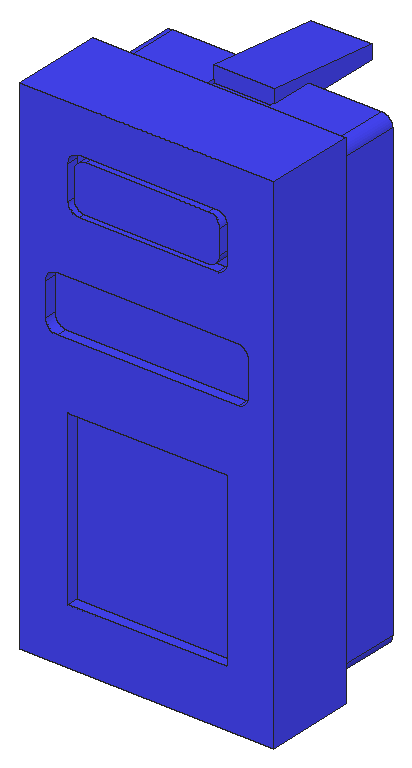
Revit family "ITK_Вставка для модулей Keystone Jack", category Обобщенные модели, Revit 2019
Family settings
  Может служить основой для арматурных стержней = Нет
  Размер круглого соединителя = Использовать диаметр
  Тип детали = Нормальный
  На основе рабочей плоскости = Нет
  Всегда вертикально = Да
  При загрузке вырезать с полостями = Нет
  Общий = Нет
  Точка расчета площади = Нет
Parameters (values of type "CS6-11M")
  Ширина = 22.5 mm
  Степень защиты = "IP20"  # constant formula
  Материал = Пластик белый
  Изготовитель = "ITK"  # constant formula
  Дата изменения = ""
  Глубина = 21.5 mm
  Высота = 45 mm
  URL = "https://www.iek.ru/"
  KSI_CPr_Строительные изделия = ""
  KSI_CMa_Строительные материалы = "01.7.14.03"  # constant formula
  IEK_Цена за единицу = 52
  IEK_Поиск в таблице имен = ""
  IEK_Описание = "Соответствие международным стандартам качества, что обеспечивает совместимость с компонентами для СКС и с кабелем других производителей.\r\nИзготовлены из высококачественных негорючих материалов и отличаются надежностью и удобством эксплуатации."
  IEK_URL = "https://www.itk-group.ru/produktsiya/catalog/oborudovanie_telekommunikatsionnoe/komponenty_sks_mednye/rozetki_adaptery_i_moduli_keystone/moduli_keystone_jack_informatsionnye_rozetki_rozetochnye_korpusa_i_adaptery/rozetochnye_korpusa_modulnye_vstavki_dlya_keystone_jack_i_litsevye_ramki/vstavki_dlya_modulya_keystone_jack/itk_vstavka_45kh22_5mm_dlya_1_modulya_keystone_jack_s_markerom"
  ADSK_Примечание = ""
  ADSK_Позиция [instance] = ""
  ADSK_Наименование = "IITK Вставка 45х22,5мм для 1 мод. Keystone Jack с маркером"
  ADSK_Материал обозначение = ""
  ADSK_Материал наименование = "Пластик"  # constant formula
  ADSK_Масса = 0
  ADSK_Марка = ""  # constant formula
  ADSK_Код изделия = "CS6-11M"
  ADSK_Завод-изготовитель = "IEK"  # constant formula
  ADSK_Единица измерения = "шт"  # constant formula
  ADSK_Группирование = "I. ЩИТЫ И ПУЛЬТЫ"  # constant formula
  ADSK_Версия семейства = "1.0"  # constant formula
  ADSK_Версия Revit = "2019"  # constant formula
  ADSK_URL страницы изделия = "https://www.itk-group.ru/produktsiya/catalog/oborudovanie_telekommunikatsionnoe/komponenty_sks_mednye/rozetki_adaptery_i_moduli_keystone/moduli_keystone_jack_informatsionnye_rozetki_rozetochnye_korpusa_i_adaptery/rozetochnye_korpusa_modulnye_vstavki_dlya_keystone_jack_i_litsevye_ramki/vstavki_dlya_modulya_keystone_jack/"
Types (2, lengths in mm): name | Ширина | IEK_Цена за единицу | IEK_URL | ADSK_Наименование | ADSK_Код изделия
  CS6-11M | 22.5 | 52 | "https://www.itk-group.ru/produktsiya/catalog/oborudovanie_telekommunikatsionnoe/komponenty_sks_mednye/rozetki_adaptery_i_moduli_keystone/moduli_keystone_jack_informatsionnye_rozetki_rozetochnye_korpusa_i_adaptery/rozetochnye_korpusa_modulnye_vstavki_dlya_keystone_jack_i_litsevye_ramki/vstavki_dlya_modulya_keystone_jack/itk_vstavka_45kh22_5mm_dlya_1_modulya_keystone_jack_s_markerom" | "IITK Вставка 45х22,5мм для 1 мод. Keystone Jack с маркером" | "CS6-11M"
  CS6-12M | 45 | 56.38 | "https://www.itk-group.ru/produktsiya/catalog/oborudovanie_telekommunikatsionnoe/komponenty_sks_mednye/rozetki_adaptery_i_moduli_keystone/moduli_keystone_jack_informatsionnye_rozetki_rozetochnye_korpusa_i_adaptery/rozetochnye_korpusa_modulnye_vstavki_dlya_keystone_jack_i_litsevye_ramki/vstavki_dlya_modulya_keystone_jack/itk_vstavka_45kh45mm_dlya_1_modulya_keystone_jack_s_markerom" | "ITK Вставка 45х45мм для 1 мод. Keystone Jack с маркером" | "CS6-12M"
Reference planes
  plane 1 "По центру (Вперед/Назад)": y = -11.177
  plane 2: z = 0
  plane 3 "По центру (Влево/Вправо)": x = 0
  plane 4: x = -11.25
  plane 5: x = 11.25
  plane 6: z = 45
  plane 7: y = 10.323
  plane 8: z = 22.5
  plane 9: x = -7
  plane 10: x = 7.142
Forms (mm)
  Extrusion 1, solid, material "Пластик белый", detail levels fine
    sketch origin (0, -11.177, 0) x (1, 0, 0) y (0, 0, 1)
      loop
        line (-11.25, 45) -> (-11.25, 0) -> (11.25, 0) -> (11.25, 45) -> (-11.25, 45)
    from 0 to -8
  Extrusion 2, void
    sketch origin (0, 0, 0) x (1, 0, 0) y (0, 1, 0)
      loop
        line (-10.652, -3.177) -> (-10.652, -9.703) -> (10.652, -9.703) -> (10.652, -3.177) -> (-10.652, -3.177)
    from 1 to 44
  Extrusion 3, solid, material "Пластик белый", detail levels fine
    sketch origin (0, -11.177, 0) x (1, 0, 0) y (0, 0, 1)
      loop
        line (9.252, 43.543) -> (2.712, 43.543) -> (2.712, 42.558) -> (0, 42.558) -> (-2.712, 42.558) -> (-2.712, 43.543) -> (-9.252, 43.543)
        arc (-9.252, 43.543) -> (-9.939, 43.259) -> (-10.223, 42.572) r 0.971
        line (-10.223, 42.572) -> (-10.223, 2.28)
        arc (-10.223, 2.28) -> (-9.942, 1.6) -> (-9.262, 1.318) r 0.962
        line (-9.262, 1.318) -> (-2.766, 1.318) -> (-2.766, 2.358) -> (0, 2.358) -> (2.766, 2.358) -> (2.766, 1.318) -> (9.262, 1.318)
        arc (9.262, 1.318) -> (9.942, 1.6) -> (10.223, 2.28) r 0.962
        line (10.223, 2.28) -> (10.223, 42.572)
        arc (10.223, 42.572) -> (9.939, 43.259) -> (9.252, 43.543) r 0.971
      loop
        line (9.354, 28.931) -> (-9.354, 28.931) -> (-9.354, 3.931) -> (9.354, 3.931) -> (9.354, 28.931)
    from -14.4 to -1.474
  Extrusion 4, solid, material "Пластик белый", detail levels fine
    sketch origin (0, 0, 0) x (0, 1, 0) y (0, 0, 1)
      loop
        line (3.223, 42.239) -> (10.323, 42.239) -> (10.323, 43.49) -> (-0.373, 44.614) -> (-0.373, 43.248) -> (-6.622, 43.248) -> (-6.622, 42.239) -> (3.223, 42.239)
      loop
        line (3.223, 2.761) -> (-6.622, 2.761) -> (-6.622, 1.752) -> (-0.373, 1.752) -> (-0.373, 0.386) -> (10.323, 1.51) -> (10.323, 2.761) -> (3.223, 2.761)
    from -2.712 to 2.712
  Extrusion 5, void
    sketch origin (0, -11.177, 0) x (1, 0, 0) y (0, 0, 1)
      loop
        arc (7.142, 40.05) -> (6.843, 40.771) -> (6.122, 41.07) r 1.021
        line (6.122, 41.07) -> (-5.979, 41.07)
        arc (-5.979, 41.07) -> (-6.701, 40.771) -> (-7, 40.05) r 1.021
        line (-7, 40.05) -> (-7, 37.022)
        arc (-7, 37.022) -> (-6.721, 36.349) -> (-6.048, 36.07) r 0.952
        line (-6.048, 36.07) -> (6.19, 36.07)
        arc (6.19, 36.07) -> (6.863, 36.349) -> (7.142, 37.022) r 0.952
        line (7.142, 37.022) -> (7.142, 40.05)
      loop
        arc (-7.967, 31.07) -> (-8.698, 30.767) -> (-9.002, 30.035) r 1.035
        line (-9.002, 30.035) -> (-9.002, 27.087)
        arc (-9.002, 27.087) -> (-8.704, 26.368) -> (-7.985, 26.07) r 1.017
        line (-7.985, 26.07) -> (8.05, 26.07)
        arc (8.05, 26.07) -> (8.723, 26.349) -> (9.002, 27.022) r 0.952
        line (9.002, 27.022) -> (9.002, 30.05)
        arc (9.002, 30.05) -> (8.703, 30.771) -> (7.981, 31.07) r 1.021
        line (7.981, 31.07) -> (-7.967, 31.07)
      loop
        line (-7, 20.272) -> (-7, 5) -> (7.142, 5) -> (7.142, 20.272) -> (-7, 20.272)
    from 0 to -1
  Extrusion 6, solid, material "Пластик синий", detail levels fine
    sketch origin (0, -11.177, 0) x (1, 0, 0) y (0, 0, 1)
      loop
        arc (-5.435, 40.617) -> (-6.152, 40.32) -> (-6.449, 39.602) r 1.014
        line (-6.449, 39.602) -> (-6.449, 37.458)
        arc (-6.449, 37.458) -> (-6.169, 36.783) -> (-5.494, 36.503) r 0.955
        line (-5.494, 36.503) -> (5.494, 36.503)
        arc (5.494, 36.503) -> (6.169, 36.783) -> (6.449, 37.458) r 0.955
        line (6.449, 37.458) -> (6.449, 39.602)
        arc (6.449, 39.602) -> (6.152, 40.32) -> (5.435, 40.617) r 1.014
        line (5.435, 40.617) -> (-5.435, 40.617)
    from -1 to 0
  Extrusion 7, solid, detail levels coarse+medium
    sketch origin (0, 0, 0) x (1, 0, 0) y (0, 1, 0)
      loop
        line (11.25, 10.323) -> (-11.25, 10.323) -> (-11.25, -11.177) -> (11.25, -11.177) -> (11.25, 10.323)
    from 0 to 45 <- "Высота"
Cuts and joins
  Extrusion 2, Extrusion 5 cuts Extrusion 1
  Extrusion 5 cuts Extrusion 3
Dimensions and locks
  "Высота": plane 6 to level
  equal spacing: plane 5, plane 3 "По центру (Влево/Вправо)", plane 4
  "Ширина": plane 5 to plane 4
  "Глубина": plane 1 "По центру (Вперед/Назад)" to plane 7
  locked: plane 4 to cut or joined group of Extrusion 1, Extrusion 2, Extrusion 5 at 0.598
  locked: cut or joined group of Extrusion 1, Extrusion 2, Extrusion 5 to plane 5 at 0.598
  locked: Extrusion 3 sketch curve to plane 5 at 1.027
  locked: plane 4 to Extrusion 3 sketch curve at 1.027
  locked: plane 3 "По центру (Влево/Вправо)" to Extrusion 6 sketch curve at 6.449
  aligned and locked: level to plane 2
  aligned and locked: Extrusion 1 sketch curve to plane 4
  aligned and locked: Extrusion 1 sketch curve to plane 6
  aligned and locked: Extrusion 1 sketch curve to plane 5
  aligned and locked: Extrusion 1 sketch curve to level
  aligned and locked: Extrusion 2 sketch curve to Extrusion 1
  aligned and locked: cut or joined group of Extrusion 1, Extrusion 2, Extrusion 5 to Extrusion 3
  aligned and locked: Extrusion 4 to Extrusion 3  (x2)
  aligned and locked: Extrusion 5 sketch curve to plane 10
  aligned and locked: Extrusion 5 sketch curve to Extrusion 5 sketch curve
  aligned and locked: Extrusion 5 sketch curve to plane 9
  aligned and locked: Extrusion 7 sketch curve to plane 5
  aligned and locked: Extrusion 7 sketch curve to plane 4
  aligned and locked: Extrusion 7 sketch curve to plane 1 "По центру (Вперед/Назад)"
  aligned and locked: Extrusion 7 sketch curve to plane 7
Automatic sketch dimensions
  plane 4 to Extrusion 2 sketch curve = 0.598 mm
  Extrusion 2 sketch curve to plane 5 = 0.598 mm
  Extrusion 2 sketch curve to plane 1 "По центру (Вперед/Назад)" = 1.474 mm
  Extrusion 3 sketch curve to plane 3 "По центру (Влево/Вправо)" = 0 mm  (x2)
  Extrusion 3 sketch curve to Extrusion 3 sketch curve = 0.962 mm  (x2)
  Extrusion 3 sketch curve to Extrusion 3 sketch curve = 0.971 mm  (x2)
  Extrusion 3 sketch curve to Extrusion 3 sketch curve = 0.092 mm
  Extrusion 3 sketch curve to plane 3 "По центру (Влево/Вправо)" = 2.766 mm
  Extrusion 3 sketch curve to plane 3 "По центру (Влево/Вправо)" = 2.712 mm
  plane 3 "По центру (Влево/Вправо)" to Extrusion 3 sketch curve = 2.712 mm
  Extrusion 3 sketch curve to Extrusion 3 sketch curve = 2.766 mm
  Extrusion 3 sketch curve to plane 5 = 1.896 mm
  level to Extrusion 3 sketch curve = 1.318 mm  (x2)
  level to Extrusion 3 sketch curve = 2.358 mm
  Extrusion 3 sketch curve to Extrusion 3 sketch curve = 1.652 mm
  plane 6 to Extrusion 3 sketch curve = 16.069 mm
  plane 6 to Extrusion 3 sketch curve = 2.442 mm
  plane 6 to Extrusion 3 sketch curve = 2.428 mm  (x2)
  Extrusion 4 sketch curve to plane 7 = 0 mm  (x2)
  plane 6 to Extrusion 4 sketch curve = 2.761 mm
  Extrusion 4 sketch curve to plane 7 = 7.1 mm  (x2)
  level to Extrusion 4 sketch curve = 2.761 mm
  level to Extrusion 4 sketch curve = 1.752 mm
  Extrusion 4 sketch curve to Extrusion 4 sketch curve = 3.597 mm  (x2)
  plane 6 to Extrusion 4 sketch curve = 0.386 mm
  plane 6 to Extrusion 4 sketch curve = 1.752 mm
  Extrusion 4 sketch curve to plane 1 "По центру (Вперед/Назад)" = 4.555 mm  (x2)
  Extrusion 4 sketch curve to Extrusion 4 sketch curve = 1.25 mm  (x2)
  level to Extrusion 4 sketch curve = 0.386 mm
  Extrusion 6 sketch curve to Extrusion 6 sketch curve = 0.955 mm  (x2)
  Extrusion 6 sketch curve to Extrusion 6 sketch curve = 1.014 mm
  plane 3 "По центру (Влево/Вправо)" to Extrusion 6 sketch curve = 5.435 mm
  Extrusion 6 sketch curve to Extrusion 6 sketch curve = 0.059 mm
  plane 6 to Extrusion 6 sketch curve = 8.497 mm
  Extrusion 6 sketch curve to Extrusion 6 sketch curve = 2.145 mm
  Extrusion 5 sketch curve to plane 9 = 0 mm
  Extrusion 5 sketch curve to plane 9 = 0.967 mm
  Extrusion 5 sketch curve to plane 9 = 0.985 mm
  Extrusion 5 sketch curve to Extrusion 5 sketch curve = 1.035 mm
  plane 9 to Extrusion 5 sketch curve = 0.952 mm
  plane 9 to Extrusion 5 sketch curve = 1.021 mm
  Extrusion 5 sketch curve to plane 10 = 1.021 mm
  Extrusion 5 sketch curve to plane 10 = 0.952 mm
  plane 10 to Extrusion 5 sketch curve = 0.839 mm
  plane 10 to Extrusion 5 sketch curve = 0.907 mm
  Extrusion 5 sketch curve to Extrusion 5 sketch curve = 0.952 mm
  level to Extrusion 5 sketch curve = 5 mm
  Extrusion 5 sketch curve to plane 8 = 2.228 mm
  plane 8 to Extrusion 5 sketch curve = 3.57 mm
  Extrusion 5 sketch curve to Extrusion 5 sketch curve = 2.948 mm
  Extrusion 5 sketch curve to Extrusion 5 sketch curve = 5.952 mm
  Extrusion 5 sketch curve to Extrusion 5 sketch curve = 3.028 mm
